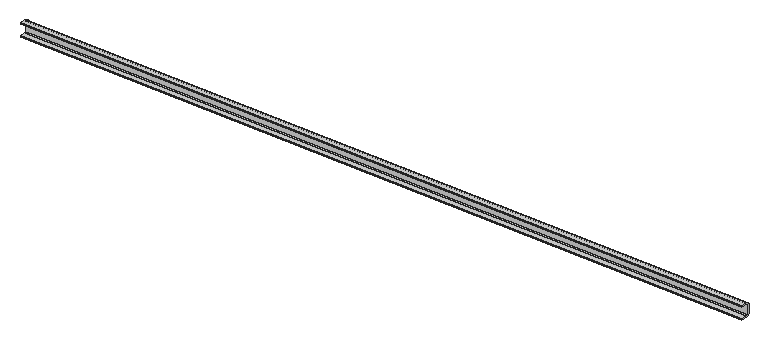
Revit family "M_Manômetro de luz-Guia de forração", category Quadro estrutural, Revit 2019
Family settings
  Arredondamento do comprimento do framing estrutural = 0 mm
  Forma do corte = Não definido
  Material para o comportamento do modelo = Aço
  Exportar sempre como geometria = Não
  Número OmniClass = 23.25.30.11.14.14
  Título OmniClass = Beams
  ID de item do Seek = Light Gauge-Furring Channels-0000-CAN-ENU
  Sempre na vertical = Sim
  Corte com vazios quando carregada = Não
  Representação simbólica = Das configurações de projeto
  Compartilhado = Não
  Exibir o pré-corte da família na vista da planta = Sim
Parameters (values of type "C19 x 12")
  t = 0.9 mm
  W = 0
  Structural Material [instance] = Metal - Manômetro de luz
  B = 12 mm
  D = 19 mm
  Código de montagem = "B10"
  Length [instance] = 1500 mm
  A = 0.00 mm²
Reference planes
  plane 1 "Centro (Frente/Trás)": y = 0
  plane 2: z = 0
  plane 3 "Centro (Esquerda/Direita)": x = 0.008
  plane 4 "Membro esquerdo": x = -556.99
  plane 5 "Membro direito": x = 566.21
  plane 6 "Superior": z = 9.5
  plane 7: z = -9.5
  plane 8 "Esquerda": x = -757.39
  plane 9 "Direita": x = 742.61
  plane 10: y = -12
Forms (mm)
  Sweep 1, solid, material "Metal - Manômetro de luz" <- "Structural Material", detail levels medium
    path origin (0, 0, 0) x (1, 0, 0) y (0, 1, 0)
      loop
        line (566.21, 0) -> (-556.99, 0)
    profile origin (4.61, 0, 0) x (0, -1, 0) y (0, 0, 1)
      loop
        line (0, 9.5) -> (0, -9.5) -> (12, -9.5) -> (12, -8.6) -> (0.9, -8.6) -> (0.9, 8.6) -> (12, 8.6) -> (12, 9.5) -> (0, 9.5)
  Sweep 2, solid, material "Metal - Manômetro de luz" <- "Structural Material", detail levels fine
    path origin (0, 0, 0) x (1, 0, 0) y (0, 1, 0)
      loop
        line (566.21, 0) -> (-556.99, 0)
    profile origin (4.61, 0, 0) x (0, -1, 0) y (0, 0, 1)
      loop
        line (0, 7.012) -> (0, -7.013)
        arc (0, -7.013) -> (0.729, -8.771) -> (2.487, -9.5) r 2.487
        line (2.487, -9.5) -> (12, -9.5) -> (12, -8.6) -> (2.487, -8.6)
        arc (2.487, -8.6) -> (1.365, -8.135) -> (0.9, -7.013) r 1.587
        line (0.9, -7.013) -> (0.9, 7.012)
        arc (0.9, 7.012) -> (1.365, 8.135) -> (2.487, 8.6) r 1.587
        line (2.487, 8.6) -> (12, 8.6) -> (12, 9.5) -> (2.487, 9.5)
        arc (2.487, 9.5) -> (0.729, 8.771) -> (0, 7.012) r 2.487
Lines and regions (mm)
  symbolic lines, style "Faces ocultas", detail levels medium+fine
    curve 1: line (-556.99, -0.9, 0) -> (566.21, -0.9, 0)
    curve 2: line (-556.99, 4.763, 8.6) -> (566.21, 4.763, 8.6)
    curve 3: line (-556.99, 4.763, -8.6) -> (566.21, 4.763, -8.6)
  symbolic lines, style "Símbolos de vara", detail levels coarse
    curve 4: line (-757.39, 0, -9.5) -> (-757.39, -12, -9.5)
    curve 5: line (-757.39, 0, 9.5) -> (-757.39, -12, 9.5)
    curve 6: line (-757.39, 0, 9.5) -> (-757.39, 0, -9.5)
Dimensions and locks
  "D": plane 7 to plane 6 "Superior"
  equal spacing: plane 7, plane 2, plane 6 "Superior"
  "Length": plane 8 "Esquerda" to plane 9 "Direita"
  "B": plane 1 "Centro (Frente/Trás)" to plane 10
  "t": plane 6 "Superior" to Sweep 1 sketch curve
  "t": plane 7 to Sweep 1 sketch curve
  "t": plane 1 "Centro (Frente/Trás)" to Sweep 1 sketch curve
  "t": Sweep 2 sketch curve to Sweep 2 sketch curve  (x3)
  "t": curve 1 to plane 1 "Centro (Frente/Trás)"
  aligned and locked: Sweep 1 sketch curve to plane 6 "Superior"
  aligned and locked: plane 7 to Sweep 1 sketch curve
  aligned and locked: plane 7 to Sweep 1
  aligned and locked: Sweep 1 to plane 6 "Superior"
  aligned and locked: Sweep 2 sketch curve to plane 1 "Centro (Frente/Trás)"
  aligned and locked: plane 7 to Sweep 2 sketch curve
  aligned and locked: Sweep 2 sketch curve to plane 6 "Superior"
  aligned and locked: plane 6 "Superior" to curve 5
  aligned and locked: plane 7 to Sweep 2
  aligned and locked: Sweep 2 to plane 6 "Superior"
  aligned and locked: curve 6 to plane 1 "Centro (Frente/Trás)"
  aligned and locked: plane 10 to Sweep 2 sketch curve  (x2)
  aligned and locked: curve 3 to Sweep 2
  aligned and locked: curve 2 to Sweep 2
  aligned and locked: plane 10 to Sweep 1 sketch curve  (x2)
  aligned and locked: Sweep 1 sketch curve to plane 1 "Centro (Frente/Trás)"
  aligned and locked: Sweep 1 to Sweep 2
  aligned and locked: Sweep 2 to Sweep 1  (x2)
  aligned and locked: curve 4 to plane 7
  aligned and locked: plane 4 "Membro esquerdo" to Sweep 2 sketch curve
  aligned and locked: plane 5 "Membro direito" to Sweep 2 sketch curve
  aligned and locked: plane 4 "Membro esquerdo" to Sweep 1 sketch curve
  aligned and locked: plane 5 "Membro direito" to Sweep 1 sketch curve
  aligned and locked: plane 4 "Membro esquerdo" to curve 1
  aligned and locked: plane 5 "Membro direito" to curve 1
  aligned and locked: plane 4 "Membro esquerdo" to curve 3
  aligned and locked: plane 4 "Membro esquerdo" to curve 2
  aligned and locked: plane 5 "Membro direito" to curve 3
  aligned and locked: plane 5 "Membro direito" to curve 2
Automatic sketch dimensions
  Sweep 2 sketch curve to plane 1 "Centro (Frente/Trás)" = 0 mm
  Sweep 2 sketch curve to Sweep 2 sketch curve = 0 mm  (x2)
  Sweep 2 sketch curve to Sweep 2 sketch curve = 1.587 mm  (x2)
  Sweep 1 sketch curve to plane 1 "Centro (Frente/Trás)" = 0 mm
  curve 5 to plane 10 = 0 mm
  curve 4 to plane 10 = 0 mm
Types in the file's own list only (1): name | t | D
  C30 x 12 | 1 mm | 30 mm
